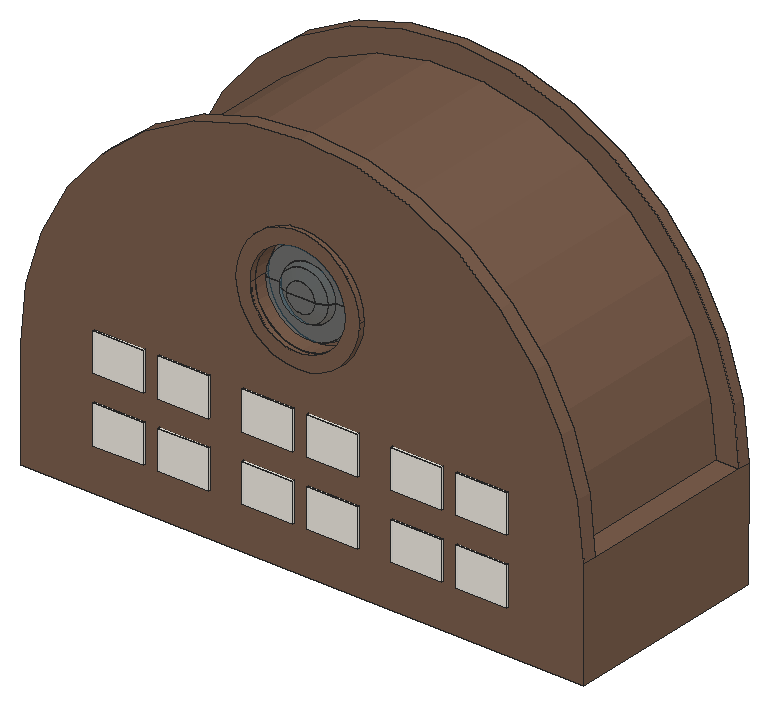
Revit family "Lighting - Alva Wallis Wall Sconce", category Lighting Fixtures, host Face, Revit 2021
Family settings
  Host = Face
  Round Connector Dimension = Use Diameter
  Part Type = Normal
  Cut with Voids When Loaded = No
  Light Source = Yes
  Shared = No
  Room Calculation Point = No
Parameters (values of type "4000K")
  Wattage Comments = ""
  Wattage = 29.2847 W
  built-in parameter 1150110 = 1 (stored number, unit not read)
  URL = "https://www.alvalight.com/brian"
  Type Comments = "IP66 RATED, 120-277V INPUT,OCC SENSOR, DARK SKY, 10 YEAR LIMITED WARRANTY"
  built-in parameter 1114217 = 1 (stored number, unit not read)
  Top Cap = yes
  Tilt Angle = 0.00°  # constant formula
  built-in parameter 1150109 = 1 (stored number, unit not read)
  built-in parameter 1150134 = 12
  built-in parameter 1150113 = 1 (stored number, unit not read)
  Photometric Web File = "W8770_IESNA2002.IES"
  built-in parameter 1150142 = "IESNA:LM-63-2002\r\n[TEST] \r\n[TESTLAB] \r\n[TESTDATE] 2021Äê04ÔÂ25ÈÕ\r\n[ISSUEDATE] 18-FEB-2002\r\n[NEARFIELD] \r\n[LAMPPOSITION] 0,0\r\n[OTHER] HOPOO HPG1900 SYSTEM\r\n[MANUFAC] \r\n[LUMINAIRE] w8770\r\n[LAMP] Y19\r\nTILT=NONE\r\n1 4350.5 1.000 181 13 1 2 0.000 0.000 0.000\r\n1.000 1 43.3\r\n0.0    1.0    2.0    3.0    4.0    5.0    6.0    7.0    8.0    9.0    \r\n 10.0   11.0   12.0   13.0   14.0   15.0   16.0   17.0   18.0   19.0   \r\n 20.0   21.0   22.0   23.0   24.0   25.0   26.0   27.0   28.0   29.0   \r\n 30.0   31.0   32.0   33.0   34.0   35.0   36.0   37.0   38.0   39.0   \r\n 40.0   41.0   42.0   43.0   44.0   45.0   46.0   47.0   48.0   49.0   \r\n 50.0   51.0   52.0   53.0   54.0   55.0   56.0   57.0   58.0   59.0   \r\n 60.0   61.0   62.0   63.0   64.0   65.0   66.0   67.0   68.0   69.0   \r\n 70.0   71.0   72.0   73.0   74.0   75.0   76.0   77.0   78.0   79.0   \r\n 80.0   81.0   82.0   83.0   84.0   85.0   86.0   87.0   88.0   89.0   \r\n 90.0   91.0   92.0   93.0   94.0   95.0   96.0   97.0   98.0   99.0   \r\n 100.0  101.0  102.0  103.0  104.0  105.0  106.0  107.0  108.0  109.0  \r\n 110.0  111.0  112.0  113.0  114.0  115.0  116.0  117.0  118.0  119.0  \r\n 120.0  121.0  122.0  123.0  124.0  125.0  126.0  127.0  128.0  129.0  \r\n 130.0  131.0  132.0  133.0  134.0  135.0  136.0  137.0  138.0  139.0  \r\n 140.0  141.0  142.0  143.0  144.0  145.0  146.0  147.0  148.0  149.0  \r\n 150.0  151.0  152.0  153.0  154.0  155.0  156.0  157.0  158.0  159.0  \r\n 160.0  161.0  162.0  163.0  164.0  165.0  166.0  167.0  168.0  169.0  \r\n 170.0  171.0  172.0  173.0  174.0  175.0  176.0  177.0  178.0  179.0  \r\n 180.0  \r\n0.0    30.0   60.0   90.0   120.0  150.0  180.0  210.0  240.0  270.0  \r\n 300.0  330.0  360.0  \r\n732.82   730.80   728.86   725.91   723.74   721.62   721.02   720.79   721.11   722.68   \r\n 725.40   728.58   732.50   737.62   742.92   748.64   756.01   763.35   769.80   776.07   \r\n 781.93   788.24   795.16   802.40   810.79   821.16   832.96   845.78   862.79   881.37   \r\n 902.07   925.91   950.02   976.76   1008.11  1042.64  1081.19  1123.83  1172.10  1228.86  \r\n 1294.70  1368.97  1456.34  1549.42  1624.52  1678.88  1703.45  1702.72  1683.12  1647.44  \r\n 1616.96  1604.01  1599.72  1580.82  1537.62  1483.03  1436.05  1415.72  1429.87  1470.77  \r\n 1530.98  1621.71  1742.41  1908.25  2129.82  2396.95  2696.26  3033.56  3340.66  3575.47  \r\n 3679.15  3645.13  3411.52  3053.43  2544.35  1853.66  1160.12  662.33   376.90   161.83   \r\n 77.55    56.34    56.75    64.55    71.46    70.86    64.73    57.35    45.55    34.53    \r\n 25.17    17.93    15.95    14.57    14.11    14.15    14.43    14.61    14.89    15.17    \r\n 15.40    15.72    16.00    16.23    16.51    16.69    16.78    16.83    16.83    16.78    \r\n 16.78    16.69    16.64    16.55    16.46    16.37    16.32    16.27    16.32    16.37    \r\n 16.51    16.64    16.83    17.01    17.24    17.47    17.66    17.80    17.89    17.98    \r\n 17.93    17.89    17.75    17.57    17.38    17.20    17.01    16.83    16.69    16.55    \r\n 16.46    16.37    16.32    16.23    16.18    16.14    16.14    16.09    16.09    16.09    \r\n 16.14    16.14    16.14    16.18    16.23    16.23    16.27    16.32    16.32    16.37    \r\n 16.37    16.37    16.41    16.41    16.41    16.46    16.46    16.46    16.51    16.51    \r\n 16.51    16.51    16.55    16.55    16.60    16.60    16.60    16.60    16.64    16.64    \r\n 16.64    \r\n744.86   722.54   700.37   677.13   652.05   628.35   605.21   584.88   567.96   557.35   \r\n 550.11   548.59   549.28   550.21   551.59   554.13   556.25   557.58   558.27   558.04   \r\n 554.86   550.34   543.98   536.51   528.21   519.27   510.00   500.23   489.07   476.72   \r\n 463.72   447.99   432.55   417.52   401.38   385.43   368.79   352.19   337.62   323.79   \r\n 310.00   298.75   286.95   274.18   262.33   248.82   234.62   221.95   209.45   196.82   \r\n 184.51   171.74   158.87   147.12   136.24   125.45   116.46   108.85   103.46   99.54    \r\n 96.82    94.05    91.65    89.49    87.78    86.54    84.83    83.45    83.63    78.88    \r\n 74.00    71.14    69.62    67.04    65.70    64.08    62.75    61.92    60.35    59.70    \r\n 59.38    58.55    54.50    48.41    42.32    38.13    35.92    33.24    30.29    29.09    \r\n 28.12    27.43    26.88    26.09    25.08    23.19    21.44    20.24    19.23    18.35    \r\n 18.03    18.03    17.93    17.47    17.10    17.15    17.43    17.75    18.07    18.35    \r\n 18.53    18.67    18.72    18.72    18.72    18.81    18.90    19.04    19.18    19.32    \r\n 19.41    19.41    19.32    19.18    19.04    18.95    18.90    18.95    19.04    19.27    \r\n 19.59    19.92    20.29    20.56    20.70    20.75    20.75    20.61    20.33    20.06    \r\n 19.69    19.23    18.86    18.44    18.07    17.80    17.52    17.29    17.15    17.06    \r\n 16.97    16.92    16.97    16.92    16.92    16.92    16.87    16.83    16.83    16.78    \r\n 16.69    16.64    16.60    16.55    16.46    16.37    16.27    16.23    16.14    16.09    \r\n 16.00    15.95    15.91    15.86    15.77    15.72    15.68    15.58    15.54    15.44    \r\n 15.35    \r\n752.14   715.90   678.65   640.48   602.44   578.33   570.31   575.93   585.29   597.46   \r\n 612.17   626.92   640.43   650.34   651.59   644.72   631.99   615.67   597.14   575.84   \r\n 552.79   528.45   502.90   477.87   452.97   427.57   402.90   379.48   355.83   332.69   \r\n 310.23   286.77   264.59   243.66   222.64   204.24   189.12   176.86   170.40   167.36   \r\n 166.21   167.59   168.46   168.93   170.45   173.35   176.16   180.73   185.43   189.03   \r\n 192.76   193.45   193.45   190.59   187.97   186.17   185.15   184.65   184.83   185.15   \r\n 187.00   188.93   189.95   190.55   188.93   186.63   182.85   179.67   174.55   168.93   \r\n 163.02   156.75   150.02   143.61   139.46   142.46   130.75   127.71   123.10   121.58   \r\n 141.12   147.53   135.78   121.07   104.43   98.34    89.86    79.76    69.89    62.84    \r\n 54.59    44.67    39.23    35.55    33.10    31.67    30.43    28.68    27.29    27.48    \r\n 28.45    27.89    20.65    18.86    17.93    17.38    16.87    16.74    16.69    16.51    \r\n 16.51    16.18    16.18    15.72    13.88    11.89    12.03    12.40    12.72    13.05    \r\n 13.46    13.79    14.11    14.48    14.85    15.17    15.49    15.81    16.14    16.46    \r\n 16.74    16.92    17.15    17.38    17.57    17.80    17.98    18.21    18.44    18.67    \r\n 18.90    19.18    19.41    19.59    19.78    19.82    19.87    19.92    19.87    19.82    \r\n 19.82    19.73    19.64    19.55    19.41    19.32    19.18    19.13    19.09    19.04    \r\n 19.04    19.13    19.23    19.41    19.50    19.59    19.59    19.59    19.59    19.50    \r\n 19.41    19.27    19.09    18.90    18.63    18.35    18.07    17.70    17.38    17.01    \r\n 16.64    \r\n745.96   704.42   662.84   620.65   587.69   578.61   586.67   600.37   616.41   633.79   \r\n 651.50   663.95   668.42   660.63   644.77   622.59   595.25   567.73   538.86   507.93   \r\n 477.32   447.21   415.91   388.20   362.38   336.05   309.68   283.22   255.32   229.83   \r\n 205.85   183.86   168.00   159.01   155.19   153.20   151.96   152.47   154.73   157.63   \r\n 161.41   164.73   167.77   171.55   174.50   177.50   181.47   183.26   185.34   183.40   \r\n 181.70   181.47   182.07   182.71   182.25   181.83   181.65   181.60   181.93   181.33   \r\n 181.28   178.88   175.43   170.26   165.79   162.06   157.63   153.57   148.69   145.14   \r\n 139.56   134.21   130.52   129.32   128.91   114.71   108.62   102.54   96.77    102.90   \r\n 114.20   111.16   99.68    94.65    79.16    72.98    66.53    63.12    55.14    51.31    \r\n 42.05    36.56    31.12    26.42    23.61    21.53    19.55    18.63    18.53    19.55    \r\n 20.98    26.51    32.96    22.18    20.65    14.66    13.23    14.52    13.05    12.49    \r\n 12.72    12.91    12.86    12.40    13.05    13.55    13.42    12.40    11.25    11.53    \r\n 11.94    12.36    12.77    13.23    13.65    14.11    14.57    14.98    15.40    15.86    \r\n 16.27    16.64    17.06    17.38    17.75    18.03    18.35    18.58    18.81    18.99    \r\n 19.13    19.32    19.41    19.55    19.64    19.69    19.73    19.73    19.73    19.73    \r\n 19.64    19.55    19.46    19.32    19.18    19.09    18.95    18.81    18.72    18.58    \r\n 18.53    18.49    18.44    18.49    18.53    18.58    18.58    18.67    18.72    18.76    \r\n 18.81    18.86    18.86    18.81    18.72    18.63    18.44    18.21    17.98    17.75    \r\n 17.47    \r\n736.79   701.80   666.34   630.20   598.48   584.51   584.19   592.58   602.86   614.43   \r\n 625.59   635.68   643.11   644.67   637.39   624.11   605.16   584.37   562.19   538.36   \r\n 513.60   488.98   463.48   439.19   416.78   394.42   374.50   356.02   337.34   318.95   \r\n 300.18   279.99   260.26   240.71   220.79   203.83   190.27   180.17   174.83   171.28   \r\n 169.34   170.63   172.52   172.20   173.26   174.97   179.07   182.71   188.98   193.73   \r\n 199.03   199.26   195.94   190.92   186.72   184.42   183.36   182.07   181.70   181.56   \r\n 181.70   183.63   185.02   184.83   183.22   181.00   178.19   175.29   170.68   166.57   \r\n 161.32   155.42   149.79   143.34   138.36   141.36   130.34   127.48   120.42   117.47   \r\n 134.67   143.80   135.27   117.29   104.43   99.45    89.03    81.70    73.54    66.71    \r\n 55.51    46.33    39.23    34.76    32.64    30.98    29.74    28.95    27.52    26.37    \r\n 28.68    34.07    22.82    20.79    20.52    20.06    19.73    19.82    19.64    19.09    \r\n 18.21    18.21    18.40    17.80    16.74    16.32    16.74    17.15    17.61    18.03    \r\n 18.49    18.90    19.32    19.73    20.15    20.52    20.89    21.25    21.53    21.85    \r\n 22.13    22.36    22.64    22.82    22.96    23.14    23.24    23.33    23.37    23.42    \r\n 23.42    23.42    23.33    23.24    23.10    22.91    22.78    22.50    22.31    22.04    \r\n 21.81    21.53    21.25    20.93    20.65    20.38    20.01    19.73    19.36    19.04    \r\n 18.76    18.49    18.21    17.98    17.70    17.47    17.24    17.01    16.78    16.55    \r\n 16.37    16.18    16.00    15.86    15.72    15.54    15.40    15.21    15.03    14.85    \r\n 14.66    \r\n714.43   694.93   675.70   655.74   633.89   615.03   597.69   586.08   578.79   575.79   \r\n 576.85   579.39   581.51   583.86   586.08   588.24   589.16   589.16   587.60   583.68   \r\n 578.24   571.00   562.19   552.88   542.51   531.12   519.32   506.27   491.75   477.04   \r\n 462.75   448.87   434.95   421.85   407.28   391.84   376.62   361.55   346.47   330.75   \r\n 315.26   300.23   285.02   270.08   255.28   240.66   225.68   212.63   199.72   186.12   \r\n 172.48   159.94   148.50   138.77   132.36   122.78   115.95   110.10   105.67   102.72   \r\n 100.00   98.11    95.30    92.39    89.72    87.46    86.35    85.11    84.00    80.08    \r\n 75.89    73.07    69.99    67.91    65.70    65.47    63.67    63.21    62.06    59.98    \r\n 58.69    58.14    54.22    49.56    43.66    41.86    38.96    35.27    30.84    29.74    \r\n 28.68    27.94    27.43    26.92    25.91    24.16    22.68    21.30    20.24    19.13    \r\n 18.81    18.67    17.98    17.38    17.15    17.20    17.47    17.75    18.03    18.21    \r\n 18.35    18.40    18.40    18.30    18.26    18.21    18.26    18.35    18.49    18.63    \r\n 18.81    18.99    19.18    19.32    19.41    19.50    19.55    19.50    19.46    19.36    \r\n 19.18    18.95    18.72    18.40    18.07    17.80    17.47    17.20    16.97    16.74    \r\n 16.55    16.37    16.27    16.14    16.04    15.95    15.86    15.81    15.72    15.68    \r\n 15.63    15.58    15.49    15.44    15.35    15.26    15.12    15.08    15.03    14.94    \r\n 14.89    14.80    14.80    14.80    14.71    14.71    14.66    14.61    14.57    14.52    \r\n 14.48    14.43    14.43    14.38    14.38    14.34    14.29    14.29    14.25    14.20    \r\n 14.15    \r\n732.82   734.95   736.84   739.05   741.45   743.89   747.16   751.13   755.74   760.72   \r\n 765.70   770.72   775.24   779.48   783.35   787.64   792.07   797.32   803.78   810.46   \r\n 817.61   825.17   832.78   843.66   857.54   872.38   888.01   907.01   928.49   952.10   \r\n 980.31   1011.75  1048.87  1089.02  1128.72  1167.45  1217.06  1269.25  1328.31  1402.03  \r\n 1486.58  1579.43  1663.30  1726.09  1775.24  1815.63  1849.88  1876.81  1897.83  1905.62  \r\n 1903.04  1881.05  1838.08  1777.36  1720.42  1702.49  1728.95  1794.14  1878.23  1978.14  \r\n 2118.48  2321.16  2609.54  2964.59  3290.59  3670.16  4062.51  4272.97  4207.32  3891.74  \r\n 3432.77  2840.34  2187.46  1569.75  943.89   509.22   282.25   189.49   57.49    46.01    \r\n 44.54    51.64    58.97    66.99    59.94    45.74    33.75    24.71    16.41    8.53     \r\n 6.50     5.72     5.67     6.13     6.73     7.28     7.84     8.34     8.85     9.31     \r\n 9.77     10.19    10.56    10.93    11.16    11.30    11.43    11.53    11.57    11.66    \r\n 11.71    11.76    11.80    11.80    11.85    11.85    11.94    12.08    12.22    12.45    \r\n 12.68    12.96    13.23    13.55    13.88    14.15    14.48    14.75    15.08    15.35    \r\n 15.63    15.95    16.27    16.55    16.83    17.15    17.47    17.70    18.03    18.30    \r\n 18.53    18.76    18.99    19.13    19.27    19.36    19.36    19.27    19.13    18.95    \r\n 18.72    18.49    18.21    17.98    17.75    17.52    17.38    17.20    17.10    16.97    \r\n 16.87    16.83    16.78    16.74    16.74    16.69    16.69    16.64    16.64    16.64    \r\n 16.69    16.69    16.64    16.69    16.64    16.69    16.64    16.69    16.64    16.69    \r\n 16.69    \r\n744.86   766.48   789.81   816.41   846.33   880.08   920.98   965.97   1015.95  1072.84  \r\n 1131.16  1189.72  1251.73  1323.60  1366.11  1424.94  1481.14  1536.65  1595.25  1650.53  \r\n 1702.95  1757.07  1805.71  1853.43  1902.81  1950.07  1994.69  2043.84  2095.06  2152.00  \r\n 2214.84  2276.71  2333.65  2378.05  2395.57  2392.94  2372.38  2342.87  2297.51  2242.23  \r\n 2178.70  2103.59  2016.18  1931.62  1862.19  1816.36  1801.24  1807.37  1833.10  1867.86  \r\n 1904.70  1937.06  1951.68  1948.17  1913.41  1846.84  1750.43  1614.84  1478.10  1362.33  \r\n 1266.20  1192.25  1117.89  984.05   750.85   578.28   479.99   405.72   327.98   246.29   \r\n 182.30   139.83   117.01   104.43   95.07    86.86    78.15    69.43    61.18    53.53    \r\n 47.63    42.97    39.93    38.17    35.04    32.92    29.74    27.06    24.02    20.84    \r\n 18.26    15.35    13.00    11.11    10.33    9.68     9.27     9.08     9.04     9.04     \r\n 9.17     9.27     9.27     9.36     9.41     9.50     9.59     9.59     9.73     9.91     \r\n 10.05    10.24    10.37    10.60    10.79    11.02    11.25    11.48    11.71    11.89    \r\n 12.17    12.31    12.54    12.72    12.96    13.09    13.23    13.37    13.51    13.60    \r\n 13.69    13.79    13.88    13.97    14.02    14.11    14.11    14.15    14.15    14.11    \r\n 14.11    14.02    13.97    13.88    13.79    13.69    13.60    13.46    13.42    13.32    \r\n 13.23    13.19    13.14    13.14    13.14    13.14    13.19    13.23    13.28    13.37    \r\n 13.46    13.55    13.65    13.74    13.83    13.97    14.06    14.15    14.29    14.38    \r\n 14.48    14.57    14.66    14.75    14.85    14.94    15.03    15.12    15.21    15.31    \r\n 15.35    \r\n752.14   789.39   832.59   888.89   954.49   1031.99  1114.70  1215.40  1315.58  1423.97  \r\n 1528.17  1633.51  1739.55  1834.53  1920.28  1994.92  2054.44  2106.40  2155.09  2199.03  \r\n 2237.52  2274.59  2303.91  2314.52  2300.36  2268.23  2228.30  2184.60  2142.55  2098.84  \r\n 2037.89  1965.88  1871.13  1761.31  1644.63  1517.52  1391.38  1280.82  1171.18  1062.79  \r\n 972.24   903.27   852.23   817.47   797.88   785.43   777.04   775.98   780.27   779.53   \r\n 775.06   766.99   757.54   744.81   731.81   717.20   699.31   674.09   648.87   629.74   \r\n 613.37   602.03   574.69   540.80   521.90   508.11   485.57   457.31   409.04   352.93   \r\n 293.78   236.01   185.48   154.86   136.24   121.99   113.14   112.36   112.31   87.64    \r\n 77.41    68.97    62.79  
      58.83    54.31    50.85    47.72    45.27    42.88    34.30    \r\n 29.55    27.52    19.73    12.31    8.62     6.04     4.61     3.64     3.00     2.63     \r\n 2.44     2.21     2.17     2.17     2.17     2.21     2.31     2.35     2.40     2.44     \r\n 2.49     2.54     2.63     2.67     2.72     2.81     2.90     2.95     3.04     3.09     \r\n 3.23     3.32     3.41     3.46     3.60     3.69     3.83     3.92     4.06     4.20     \r\n 4.33     4.47     4.61     4.75     4.93     5.07     5.26     5.44     5.62     5.76     \r\n 5.99     6.18     6.36     6.59     6.78     7.01     7.19     7.38     7.61     7.75     \r\n 7.98     8.16     8.34     8.53     8.71     8.94     9.17     9.41     9.59     9.82     \r\n 10.00    10.19    10.47    10.70    10.93    11.20    11.43    11.66    11.99    12.26    \r\n 12.63    12.96    13.37    13.74    14.15    14.52    14.94    15.31    15.72    16.04    \r\n 16.46    \r\n745.96   787.37   836.14   903.13   981.88   1073.99  1183.22  1298.15  1418.58  1548.45  \r\n 1675.79  1798.84  1917.42  2015.72  2096.95  2168.32  2226.18  2277.45  2318.76  2349.23  \r\n 2367.68  2356.56  2313.09  2249.10  2170.21  2085.38  1991.60  1879.16  1761.78  1644.86  \r\n 1516.13  1394.70  1289.35  1193.68  1108.57  1027.61  952.65   892.02   838.73   791.75   \r\n 757.86   733.93   717.47   709.77   707.47   701.80   692.90   688.80   688.89   685.98   \r\n 677.55   669.39   663.62   655.28   648.68   638.36   620.84   598.71   581.33   568.69   \r\n 552.33   531.21   495.90   449.56   418.26   391.84   362.29   311.89   243.20   192.67   \r\n 168.42   145.92   127.34   113.83   105.58   104.98   91.06    73.07    62.01    57.68    \r\n 53.67    50.85    49.88    49.19    48.55    44.54    42.37    44.81    34.39    33.93    \r\n 28.12    20.33    16.23    12.22    9.54     7.47     5.62     4.89     4.38     4.01     \r\n 3.96     3.92     3.87     3.87     3.83     3.83     3.78     3.78     3.78     3.78     \r\n 3.78     3.78     3.78     3.78     3.78     3.78     3.83     3.78     3.83     3.83     \r\n 3.83     3.83     3.87     3.87     3.92     3.96     3.96     4.01     4.06     4.10     \r\n 4.15     4.20     4.29     4.33     4.43     4.47     4.56     4.66     4.79     4.89     \r\n 5.03     5.16     5.30     5.44     5.62     5.76     5.95     6.13     6.32     6.45     \r\n 6.64     6.78     6.96     7.10     7.28     7.51     7.79     8.02     8.30     8.53     \r\n 8.81     9.08     9.54     10.00    10.37    10.79    11.16    11.57    12.03    12.45    \r\n 12.91    13.37    13.92    14.38    14.89    15.35    15.81    16.27    16.64    17.01    \r\n 17.34    \r\n736.79   770.22   808.62   858.04   916.92   988.24   1074.41  1162.75  1260.30  1367.54  \r\n 1472.66  1580.36  1690.68  1790.59  1884.14  1970.81  2040.75  2101.24  2157.90  2208.94  \r\n 2254.54  2293.26  2319.27  2330.33  2316.64  2283.58  2243.89  2200.18  2157.90  2114.20  \r\n 2060.58  1989.25  1901.84  1786.35  1665.88  1537.16  1404.61  1288.66  1181.60  1075.10  \r\n 985.20   915.03   862.28   824.20   798.29   781.23   773.30   769.94   770.12   772.24   \r\n 777.55   781.14   777.59   769.89   757.26   734.90   706.22   675.33   641.95   611.02   \r\n 591.47   569.02   534.76   508.80   488.01   469.39   441.72   410.51   374.09   323.24   \r\n 277.32   219.22   175.93   145.97   135.13   119.23   113.88   111.02   104.89   82.76    \r\n 74.23    67.40    63.12    59.75    56.85    55.23    52.01    49.05    42.65    35.22    \r\n 27.89    22.82    18.86    13.69    10.60    7.10     5.30     4.06     3.32     3.00     \r\n 2.72     2.63     2.58     2.58     2.63     2.67     2.72     2.77     2.81     2.81     \r\n 2.86     2.90     2.95     3.00     3.04     3.09     3.14     3.18     3.23     3.27     \r\n 3.32     3.37     3.46     3.50     3.60     3.64     3.73     3.78     3.87     3.96     \r\n 4.06     4.10     4.20     4.29     4.38     4.47     4.56     4.66     4.79     4.89     \r\n 5.03     5.16     5.26     5.39     5.53     5.72     5.86     5.99     6.04     6.18     \r\n 6.22     6.32     6.41     6.55     6.69     6.92     7.28     7.65     7.88     8.16     \r\n 8.44     8.76     9.17     9.59     9.91     10.28    10.51    10.83    11.16    11.43    \r\n 11.71    12.03    12.31    12.63    12.91    13.19    13.46    13.74    14.02    14.25    \r\n 14.48    \r\n714.43   731.49   749.33   770.91   794.19   820.98   853.66   890.69   934.12   984.23   \r\n 1037.02  1092.81  1154.12  1216.18  1279.02  1342.97  1405.58  1468.14  1534.76  1597.37  \r\n 1659.75  1723.51  1780.68  1835.50  1890.78  1944.12  1997.05  2049.24  2098.84  2148.22  \r\n 2200.92  2252.19  2301.52  2342.87  2370.03  2374.55  2360.58  2337.66  2297.97  2244.85  \r\n 2185.80  2123.65  2060.58  2004.84  1959.47  1931.16  1928.07  1946.98  1983.81  2037.20  \r\n 2097.92  2176.80  2258.55  2337.89  2406.63  2445.87  2442.09  2406.86  2331.53  2220.05  \r\n 2066.48  1895.02  1724.94  1546.84  1326.18  1068.32  912.22   741.31   568.92   401.34   \r\n 260.17   171.55   137.71   116.69   101.29   88.57    78.19    69.66    60.72    53.48    \r\n 47.58    42.97    39.79    37.34    34.81    31.95    29.00    25.82    23.24    20.38    \r\n 17.80    15.21    13.09    11.11    10.37    9.41     8.71     8.34     8.02     7.79     \r\n 7.70     7.56     7.47     7.38     7.28     7.24     7.15     7.10     7.05     7.05     \r\n 7.10     7.15     7.19     7.28     7.38     7.51     7.70     7.84     7.98     8.11     \r\n 8.16     8.21     8.25     8.25     8.30     8.30     8.34     8.39     8.48     8.62     \r\n 8.71     8.90     9.04     9.17     9.31     9.45     9.59     9.73     9.82     9.91     \r\n 10.00    10.10    10.19    10.24    10.33    10.33    10.37    10.42    10.42    10.42    \r\n 10.42    10.37    10.37    10.42    10.47    10.65    10.97    11.25    11.39    11.57    \r\n 11.76    11.94    12.17    12.36    12.59    12.72    12.86    12.96    13.09    13.23    \r\n 13.32    13.42    13.51    13.60    13.69    13.79    13.88    13.97    14.06    14.11    \r\n 14.20    \r\n732.82   730.80   728.86   725.91   723.74   721.62   721.02   720.79   721.11   722.68   \r\n 725.40   728.58   732.50   737.62   742.92   748.64   756.01   763.35   769.80   776.07   \r\n 781.93   788.24   795.16   802.40   810.79   821.16   832.96   845.78   862.79   881.37   \r\n 902.07   925.91   950.02   976.76   1008.11  1042.64  1081.19  1123.83  1172.10  1228.86  \r\n 1294.70  1368.97  1456.34  1549.42  1624.52  1678.88  1703.45  1702.72  1683.12  1647.44  \r\n 1616.96  1604.01  1599.72  1580.82  1537.62  1483.03  1436.05  1415.72  1429.87  1470.77  \r\n 1530.98  1621.71  1742.41  1908.25  2129.82  2396.95  2696.26  3033.56  3340.66  3575.47  \r\n 3679.15  3645.13  3411.52  3053.43  2544.35  1853.66  1160.12  662.33   376.90   161.83   \r\n 77.55    56.34    56.75    64.55    71.46    70.86    64.73    57.35    45.55    34.53    \r\n 25.17    17.93    15.95    14.57    14.11    14.15    14.43    14.61    14.89    15.17    \r\n 15.40    15.72    16.00    16.23    16.51    16.69    16.78    16.83    16.83    16.78    \r\n 16.78    16.69    16.64    16.55    16.46    16.37    16.32    16.27    16.32    16.37    \r\n 16.51    16.64    16.83    17.01    17.24    17.47    17.66    17.80    17.89    17.98    \r\n 17.93    17.89    17.75    17.57    17.38    17.20    17.01    16.83    16.69    16.55    \r\n 16.46    16.37    16.32    16.23    16.18    16.14    16.14    16.09    16.09    16.09    \r\n 16.14    16.14    16.14    16.18    16.23    16.23    16.27    16.32    16.32    16.37    \r\n 16.37    16.37    16.41    16.41    16.41    16.46    16.46    16.46    16.51    16.51    \r\n 16.51    16.51    16.55    16.55    16.60    16.60    16.60    16.60    16.64    16.64    \r\n 16.64    \r\n"
  Model = "WALLIS 4000 M2 DB"
  Metal = ALVA Enviro Oil-Rubbed Bronze
  Manufacturer = "ALVA LIGHTING"
  built-in parameter 1150105 = 4272.5 (stored number, unit not read)
  Lumens = 4350 lm
  built-in parameter 1150115 = 1 (stored number, unit not read)
  built-in parameter 1150137 = (empty or 0)
  built-in parameter 1150139 = (empty or 0)
  Lens = ALVA Lens
  built-in parameter 1150112 = 1 (stored number, unit not read)
  built-in parameter 1150114 = 1 (stored number, unit not read)
  Lamp = "LED"
  built-in parameter 1150132 = 2
  built-in parameter 1150102 = (empty or 0)
  built-in parameter 1150107 = 4000 (stored number, unit not read)
  built-in parameter 1150138 = (empty or 0)
  built-in parameter 1150106 = 42.725 (stored number, unit not read)
  Height = 0' - 5"
  Emit from Line Length = 1' - 3 1/2"  # constant formula
  built-in parameter 1150104 = 13.8 (stored number, unit not read)
  Dimming Lamp Color Temperature Shift = <None>
  Description = "Indirect wall grazing luminaire for exterior/interior use"
  Default Elevation = 4' - 0"
  Color Filter = 16777215
  built-in parameter 1114218 = 1 (stored number, unit not read)
  built-in parameter 1150133 = 10 (stored number, unit not read)
  Apparent Load = 41 VA
Reference planes (in)
  plane 1 "Center (Front/Back)": y = 1.75
  plane 2: z = 0
  plane 3 "Center (Left/Right)": x = 0
  plane 4 "Top": y = 4.25
  plane 5 "Bottom": y = -0.75
  plane 6 "Occ Sensor": z = 6.04035
Forms (in)
  Extrusion 1, solid, material "ALVA Enviro Oil-Rubbed Bronze" <- "Metal"
    sketch origin (0, -0.75, 0) x (-1, 0, 0) y (0, 0, -1)
      loop
        line (-6.84375, 0) -> (-6.84375, -2.64001)
        arc (-6.84375, -2.64001) -> (0, -9.48376) -> (6.84375, -2.64001) r 6.84375
        line (6.84375, -2.64001) -> (6.84375, 0) -> (-6.84375, 0)
    from -5 to 0
  Extrusion 2, solid, material "ALVA Enviro Oil-Rubbed Bronze" <- "Metal"
    sketch origin (0, -0.75, 0) x (-1, 0, 0) y (0, 0, -1)
      loop
        circle (0, -6.04035) r 1.5
      loop
        circle (0, -6.04035) r 1.15442
    from 0 to 0.125
  Extrusion 3, void
    sketch origin (0, -0.75, 0) x (-1, 0, 0) y (0, 0, -1)
      loop
        line (7.13006, -2.64001) -> (6.28258, -2.64001)
        arc (6.28258, -2.64001) -> (0, -8.92259) -> (-6.28258, -2.64001) r 6.28258
        line (-6.28258, -2.64001) -> (-7.13006, -2.64001)
        arc (-7.13006, -2.64001) -> (0, -9.77007) -> (7.13006, -2.64001) r 7.13006
    from -4.7125 to -0.3375
  Extrusion 4, void
    sketch origin (0, -0.75, 0) x (-1, 0, 0) y (0, 0, -1)
      loop
        circle (0, -6.04035) r 1.15442
    from 0 to -0.40931
  Revolve 5, solid, material "Glass"
    sketch origin (0, 0, 6.04035) x (-1, 0, 0) y (0, -1, 0)
      loop
        line (0, 0.77573) -> (0, 0.19699) -> (1.16806, 0.19699) -> (1.03658, 0.53951) -> (0.66425, 0.53951) -> (0.59682, 0.6841) -> (0.34507, 0.77573) -> (0, 0.77573)
      axis (0, 0.19699) -> (0, 0.77573)
    angle from 0 to 360
  Extrusion 6, solid, material "ALVA Lens" <- "Lens"
    sketch origin (0, -0.75, 0) x (-1, 0, 0) y (0, 0, -1)
      loop
        line (5.02756, -2.6378) -> (3.79134, -2.6378) -> (3.79134, -3.58249) -> (5.02756, -3.58249) -> (5.02756, -2.6378)
      loop
        line (2.21654, -2.6378) -> (2.21654, -3.58249) -> (3.45276, -3.58249) -> (3.45276, -2.6378) -> (2.21654, -2.6378)
      loop
        line (5.02756, -1.06299) -> (3.79134, -1.06299) -> (3.79134, -2.00768) -> (5.02756, -2.00768) -> (5.02756, -1.06299)
      loop
        line (2.21654, -1.06299) -> (2.21654, -2.00768) -> (3.45276, -2.00768) -> (3.45276, -1.06299) -> (2.21654, -1.06299)
      loop
        line (1.40551, -2.6378) -> (0.16929, -2.6378) -> (0.16929, -3.58249) -> (1.40551, -3.58249) -> (1.40551, -2.6378)
      loop
        line (-1.40551, -2.6378) -> (-1.40551, -3.58249) -> (-0.16929, -3.58249) -> (-0.16929, -2.6378) -> (-1.40551, -2.6378)
      loop
        line (1.40551, -1.06299) -> (0.16929, -1.06299) -> (0.16929, -2.00768) -> (1.40551, -2.00768) -> (1.40551, -1.06299)
      loop
        line (-1.40551, -1.06299) -> (-1.40551, -2.00768) -> (-0.16929, -2.00768) -> (-0.16929, -1.06299) -> (-1.40551, -1.06299)
      loop
        line (-2.21654, -2.6378) -> (-3.45276, -2.6378) -> (-3.45276, -3.58249) -> (-2.21654, -3.58249) -> (-2.21654, -2.6378)
      loop
        line (-5.02756, -2.6378) -> (-5.02756, -3.58249) -> (-3.79134, -3.58249) -> (-3.79134, -2.6378) -> (-5.02756, -2.6378)
      loop
        line (-2.21654, -1.06299) -> (-3.45276, -1.06299) -> (-3.45276, -2.00768) -> (-2.21654, -2.00768) -> (-2.21654, -1.06299)
      loop
        line (-5.02756, -1.06299) -> (-5.02756, -2.00768) -> (-3.79134, -2.00768) -> (-3.79134, -1.06299) -> (-5.02756, -1.06299)
    from 0 to 0.0625
Cuts and joins
  Extrusion 3, Extrusion 4 cuts Extrusion 1
Dimensions and locks (in)
  "Height": plane 4 "Top" to plane 5 "Bottom"
